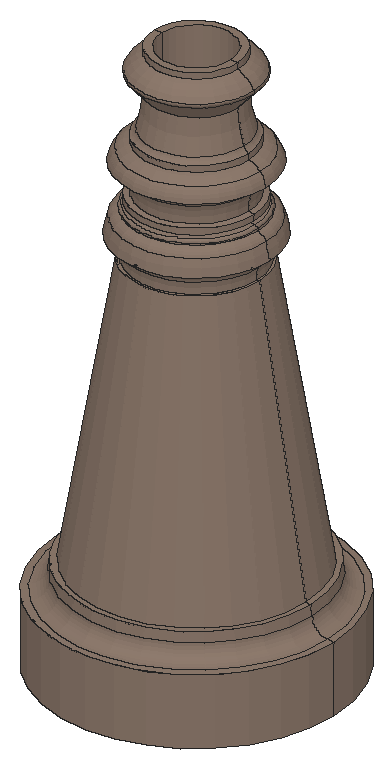
Revit family "CB0207", category Generic Models, Revit 2014
Parameters
  BASE = Bronze, Architectural
Reference planes (in)
  plane 1 "Center (Front/Back)": y = 0
  plane 2: z = 0
  plane 3 "Center (Left/Right)": x = 0
Forms (in)
  Revolve 1, solid, material "Bronze, Architectural" <- "BASE"
    sketch origin (0, 0, 0) x (1, 0, 0) y (0, 0, 1)
      loop
        line (-6, 2.875) -> (-6, 0) -> (0, 0) -> (0, 24) -> (-1.8125, 24) -> (-1.8125, 23.75)
        arc (-1.8125, 23.75) -> (-2.21704, 23.51453) -> (-2.49949, 23.14128) r 1.19009
        arc (-2.49949, 23.14128) -> (-2.5106, 23.06883) -> (-2.4792, 23.0026) r 0.125
        line (-2.4792, 23.0026) -> (-1.8125, 22.25)
        arc (-1.8125, 22.25) -> (-1.88079, 21.54022) -> (-2.06748, 20.85204) r 4.22454
        arc (-2.06748, 20.85204) -> (-2.14813, 20.71683) -> (-2.276, 20.625) r 0.38652
        line (-2.276, 20.625) -> (-2.276, 20.375)
        arc (-2.276, 20.375) -> (-2.54839, 20.27142) -> (-2.78051, 20.09521) r 1.02266
        arc (-2.78051, 20.09521) -> (-2.94903, 19.84917) -> (-3.03125, 19.5625) r 0.93238
        arc (-3.03125, 19.5625) -> (-2.68294, 19.43966) -> (-2.44628, 19.1561) r 0.69705
        arc (-2.44628, 19.1561) -> (-2.31184, 18.7763) -> (-2.276, 18.375) r 1.60859
        line (-2.276, 18.375) -> (-2.5, 18.3125) -> (-2.5, 18.0625) -> (-2.276, 18) -> (-2.0625, 18) -> (-2.56149, 17.92647)
        arc (-2.56149, 17.92647) -> (-2.62975, 17.88214) -> (-2.65625, 17.80519) r 0.125
        line (-2.65625, 17.80519) -> (-2.65625, 17.75)
        arc (-2.65625, 17.75) -> (-2.88171, 17.63567) -> (-3.02369, 17.42652) r 0.50581
        arc (-3.02369, 17.42652) -> (-3.12538, 17.09305) -> (-3.1875, 16.75) r 2.98538
        arc (-3.1875, 16.75) -> (-2.87805, 16.60064) -> (-2.68738, 16.3148) r 0.65255
        arc (-2.68738, 16.3148) -> (-2.63418, 16.06638) -> (-2.625, 15.8125) r 1.45517
        line (-2.625, 15.8125) -> (-2.75, 15.8125) -> (-4.75, 4) -> (-5, 4) -> (-5.03662, 3.58142)
        arc (-5.03662, 3.58142) -> (-5.23631, 3.09933) -> (-5.7184, 2.89964) r 0.68178
        line (-5.7184, 2.89964) -> (-6, 2.875)
      axis (0, 24) -> (0, 0)
    angle from 0 to 360
  Revolve 2, void
    sketch origin (0, 0, 0) x (1, 0, 0) y (0, 0, 1)
      loop
        line (-1.5, 24.68943) -> (-1.5, 15.15789) -> (0, 15.15789) -> (0, 24.68943) -> (-1.5, 24.68943)
      axis (0, 24.68943) -> (0, 15.15789)
    angle from 0 to 360
Cuts and joins
  Revolve 2 cuts Revolve 1
Dimensions and locks (in)
  aligned and locked: plane 2 to level
